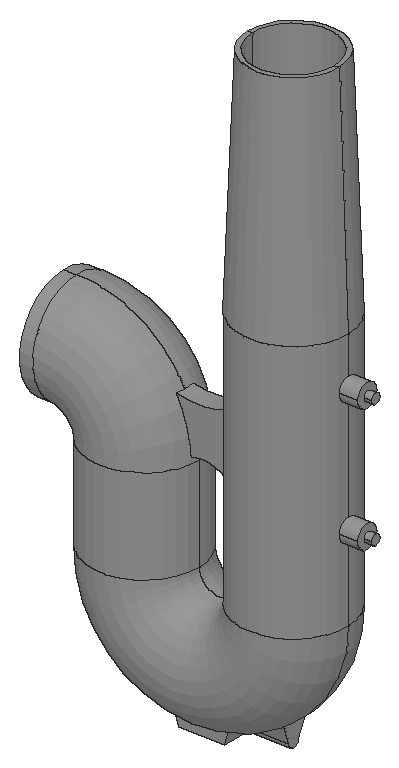
Revit family "MI-950 -F", category Plumbing Fixtures, Revit 2013
Parameters (values of type "MI-954-F")
  material = Bronze
  d2 = D / 1.5  # 6' - 8"
  d1 = D * 0.65  # 6' - 6"
  URL = "www.mifab.com"
  Thickness of A = A * 1.2  # 2' - 4.8"
  Plug1 = d2 * 0.3  # 2' - 0"
  Plug 11 = d2 * 0.35  # 2' - 4"
  Plug 1' = A / 1.2  # 1' - 8"
  PLug 2 = A * 1.6  # 3' - 2.4"
  Model = "MI-950-F"
  Manufacturer = "Mifab"
  Hright of Plug = C * 0.09  # 0' - 7.29"
  E = 4' - 3"
  Description = "Deep seal trap with funnel"
  D12 = D * 0.31  # 3' - 1.2"
  D = 10' - 0"
  C1 = C * 0.85  # 5' - 8.85"
  C = 6' - 9"
  Body Material = Cast Iron
  B = 15' - 3"
  A = 2' - 0"
Types (4): name | d2 | d1 | Thickness of A | Plug1 | Plug 11 | Plug 1' | PLug 2 | Hright of Plug | E | D12 | D | C1 | C | B | A
  (no name) | 6' - 8" | 6' - 6" | 2' - 4.8" | 2' - 0" | 2' - 4" | 1' - 8" | 3' - 2.4" | 0' - 7.29" | 4' - 3" | 3' - 1.2" | 10' - 0" | 5' - 8.85" | 6' - 9" | 15' - 3" | 2' - 0"
  MI-952-F | 4' - 4" | 4' - 2.7" | 1' - 2.4" | 1' - 3.6" | 1' - 6.2" | 0' - 10" | 1' - 7.2" | 0' - 5.4" | 2' - 9" | 2' - 0.18" | 6' - 6" | 4' - 3" | 5' - 0" | 10' - 6" | 1' - 0"
  MI-953-F | 5' - 4" | 5' - 2.4" | 1' - 9.6" | 1' - 7.2" | 1' - 10.4" | 1' - 3" | 2' - 4.8" | 0' - 5.67" | 3' - 6" | 2' - 5.76" | 8' - 0" | 4' - 5.55" | 5' - 3" | 13' - 6" | 1' - 6"
  MI-954-F | 6' - 8" | 6' - 6" | 2' - 4.8" | 2' - 0" | 2' - 4" | 1' - 8" | 3' - 2.4" | 0' - 7.29" | 4' - 3" | 3' - 1.2" | 10' - 0" | 5' - 8.85" | 6' - 9" | 15' - 3" | 2' - 0"
Reference planes (in)
  plane 1 "Center (Front/Back)": y = 0
  plane 2: z = 0
  plane 3 "Center (Left/Right)": x = 0
  plane 4: z = -51
  plane 5: z = -132
  plane 6: z = -183
  plane 7: x = 120
  plane 8: x = 42
  plane 9: x = 120
  plane 10: z = 123
  plane 11: x = 158.4
  plane 12: x = 80
  plane 13: y = 10
  plane 14: y = -10
  plane 15: z = -25.5
  plane 16: z = -91.5
  plane 17: x = 144
  plane 18: x = 96
  plane 19: x = 58.8
  plane 20: z = -91.5
  plane 21: z = -25.5
  plane 22: z = -91.5
  plane 23: z = -200.85
Forms (in)
  Sweep 1, solid, material "Cast Iron" <- "Body Material"
    path origin (0, 0, 0) x (1, 0, 0) y (0, 0, 1)
      loop
        line (0, -51) -> (6.65157, -51)
        arc (6.65157, -51) -> (31.64668, -61.35332) -> (42, -86.34843) r 35.34843
        line (42, -86.34843) -> (42, -136.64298)
        arc (42, -136.64298) -> (81, -175.64298) -> (120, -136.64298) r 39
        line (120, -136.64298) -> (120, 0)
    profile origin (3.32578, 0, -51) x (0, 0, 1) y (0, -1, 0)
      loop
        circle (0, 0) r 24
      loop
        circle (0, 0) r 28.8
  Revolve 2, solid, material "Cast Iron" <- "Body Material"
    sketch origin (0, 0, 0) x (1, 0, 0) y (0, 0, 1)
      loop
        line (141.6, 123) -> (144, 0) -> (148.8, 0) -> (144, 123) -> (141.6, 123)
      axis (120, 0) -> (120, 123)
    angle from 0 to 360
  Extrusion 3, solid, material "Bronze" <- "material"
    sketch origin (0, 0, 0) x (1, 0, 0) y (0, 0, 1)
      loop
        line (68, -208.14) -> (92, -208.14) -> (94, -200.85) -> (66, -200.85) -> (68, -208.14)
    from -10 to 10
  Extrusion 4, solid, material "Bronze" <- "material"
    sketch origin (0, 0, 0) x (0, 1, 0) y (0, 0, 1)
      loop
        arc (-2.99997, -200.86382) -> (-0.00808, -203.84999) -> (2.99985, -200.87998) r 3
        line (2.99985, -200.87998) -> (10.6071, -185.20136) -> (-8.70064, -185.20136) -> (-2.99997, -200.86382)
    from 120 to 92
  Extrusion 5, solid, material "Bronze" <- "material"
    sketch origin (0, 0, 0) x (0, 1, 0) y (0, 0, 1)
      loop
        circle (0, -91.5) r 6
      loop
        circle (0, -25.5) r 6
      loop
        circle (0, -91.5) r 2.5
      loop
        circle (0, -25.5) r 2.5
    from 144 to 158.4
  Extrusion 6, solid, material "Cast Iron" <- "Body Material"
    sketch origin (0, 0, 0) x (1, 0, 0) y (0, 0, 1)
      loop
        arc (96, -51) -> (73.43225, -57.19687) -> (50.86451, -51) r 44.19201
        line (50.86451, -51) -> (56.36031, -91.5) -> (60.36031, -91.5)
        arc (60.36031, -91.5) -> (76.68015, -81.82686) -> (93, -91.5) r 18.60342
        line (93, -91.5) -> (96, -91.5) -> (96, -51)
    from -5.92559 to 5.18882
  Extrusion 7, solid, material "Bronze" <- "material"
    sketch origin (0, 0, 0) x (0, 1, 0) y (0, 0, 1)
      loop
        circle (0, -25.5) r 2.5
      loop
        circle (0, -91.5) r 2.5
    from 158.4 to 162.84936
Cuts and joins
  joined: Sweep 1, Extrusion 6
  joined: Extrusion 5, Extrusion 7
Dimensions and locks (in)
  "E": level to plane 4
  "C": plane 4 to plane 5
  "B": level to plane 6
  "D": plane 7 to plane 3 "Center (Left/Right)"
  "d1": plane 7 to plane 8
  "D": plane 9 to plane 3 "Center (Left/Right)"
  locked: plane 10 to level at 123
  "Thickness of A": Revolve 2 sketch curve to plane 9
  "A": Revolve 2 sketch curve to plane 9
  locked: Revolve 2 sketch curve to plane 9 at 24
  locked: Revolve 2 sketch curve to Revolve 2 sketch curve at 2.4
  "PLug 2": plane 11 to plane 9
  "d2": plane 12 to plane 3 "Center (Left/Right)"
  "C1": plane 5 to Extrusion 3
  equal spacing: Extrusion 3 sketch curve, plane 12, Extrusion 3 sketch curve  (x2)
  "Plug 11": Extrusion 3 sketch curve to Extrusion 3 sketch curve
  "Plug1": Extrusion 3 sketch curve to Extrusion 3 sketch curve
  "Hright of Plug": Extrusion 3 sketch curve to Extrusion 3 sketch curve
  equal spacing: plane 14, plane 1 "Center (Front/Back)", plane 13
  "Plug 1'": plane 14 to plane 13
  equal spacing: plane 4, plane 16, plane 5
  equal spacing: level, plane 15, plane 4
  "A": plane 17 to plane 9
  "D12": plane 18 to plane 19
  equal spacing: plane 4, plane 20, plane 5
  locked: Extrusion 7 to plane 11 at 4.44936  (x2)
  "C1": plane 5 to plane 23
  "A": radius of Sweep 1 sketch curve
  "Thickness of A": radius of Sweep 1 sketch curve
  aligned and locked: level to plane 2
  aligned and locked: Sweep 1 sketch curve to level
  aligned and locked: Sweep 1 sketch curve to plane 7
  aligned and locked: profile plane to Sweep 1 sketch curve  (x3)
  aligned and locked: plane 4 to Sweep 1 sketch curve
  aligned and locked: Sweep 1 sketch curve to plane 4
  aligned and locked: Sweep 1 sketch curve to plane 8
  aligned and locked: plane 9 to Revolve 2 sketch curve
  aligned and locked: Extrusion 3 to plane 13
  aligned and locked: plane 14 to Extrusion 3
  aligned and locked: Extrusion 3 to Extrusion 4
  aligned and locked: plane 16 to Extrusion 5 sketch curve  (x2)
  aligned and locked: plane 1 "Center (Front/Back)" to Extrusion 5 sketch curve  (x4)
  aligned and locked: plane 15 to Extrusion 5 sketch curve  (x2)
  aligned and locked: plane 11 to Extrusion 5
  aligned and locked: Extrusion 5 to plane 17
  aligned and locked: plane 18 to Sweep 1
  aligned and locked: Extrusion 6 sketch curve to plane 20
  aligned and locked: Extrusion 4 to plane 9
  aligned and locked: plane 21 to Extrusion 5
  aligned and locked: plane 22 to Extrusion 5
  aligned and locked: plane 1 "Center (Front/Back)" to Extrusion 7 sketch curve  (x2)
  aligned and locked: plane 21 to Extrusion 7 sketch curve
  aligned and locked: plane 22 to Extrusion 7 sketch curve
  aligned and locked: Extrusion 7 to Extrusion 5
  aligned and locked: plane 23 to Extrusion 4 sketch curve
  aligned and locked: plane 1 "Center (Front/Back)" to Extrusion 4 sketch curve
Automatic sketch dimensions
  Extrusion 4 sketch curve to plane 23 = 0' - 0.02998"
  plane 23 to Extrusion 4 sketch curve = 1' - 3.64864"
  Extrusion 4 sketch curve to plane 23 = 0' - 0.01382"
  Extrusion 4 sketch curve to Extrusion 4 sketch curve = 0' - 5.70067"
  Extrusion 4 sketch curve to Extrusion 4 sketch curve = 0' - 7.60725"
  Extrusion 4 sketch curve to Extrusion 4 sketch curve = 0' - 2.99997"
  plane 3 "Center (Left/Right)" to Sweep 1 sketch curve = 0' - 6.65157"
  Sweep 1 sketch curve to plane 5 = 0' - 4.64298"
  Sweep 1 sketch curve to plane 3 "Center (Left/Right)" = 0' - 0"
  Revolve 2 sketch curve to level = 0' - 0"
  Revolve 2 sketch curve to plane 10 = 0' - 0"
  plane 4 to Revolve 2 sketch curve = 0' - 6"
  plane 10 to Revolve 2 sketch curve = 4' - 0"
  Extrusion 3 sketch curve to plane 23 = 0' - 0"
  Extrusion 6 sketch curve to plane 4 = 0' - 0"  (x2)
  Extrusion 6 sketch curve to plane 20 = 0' - 0"
  Extrusion 6 sketch curve to plane 18 = 0' - 0"
  Extrusion 6 sketch curve to Extrusion 6 sketch curve = 0' - 3"
  plane 19 to Extrusion 6 sketch curve = 0' - 1.56031"
  Extrusion 6 sketch curve to plane 19 = 0' - 2.43969"
  Extrusion 6 sketch curve to plane 19 = 0' - 7.93549"
  Extrusion 6 sketch curve to plane 20 = 0' - 8.93028"
  Extrusion 6 sketch curve to level = 1' - 1.00486"
  radius of Extrusion 5 sketch curve = 0' - 6"  (x2)
  radius of Extrusion 5 sketch curve = 0' - 2 1/2"  (x2)
  radius of Extrusion 7 sketch curve = 0' - 2 1/2"  (x2)
